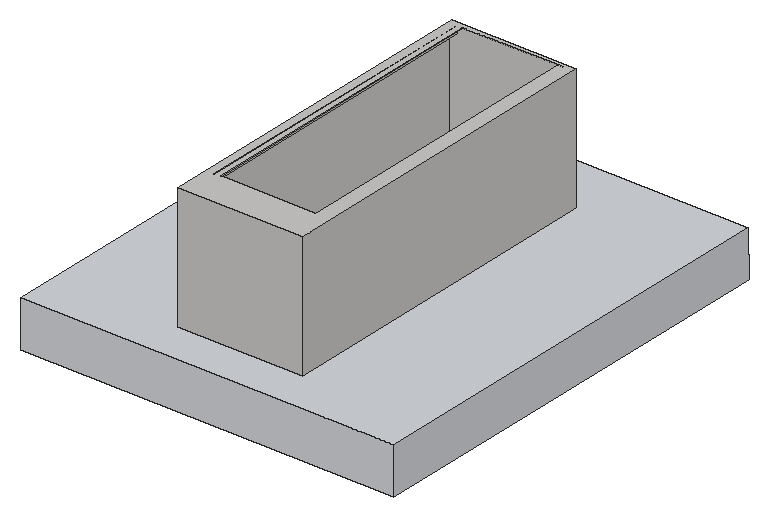
Revit family
Parameters (values of type "1732")
  Waste Connection = yes
  WFU = 0
  Voltage = 0
  Vent Connection = no
  URL = "http://www.acorneng.com/"
  Type Comments = ""
  Tempered Water Connection = no
  TW1 - Thru-Wall Waste Connection with P-Trap & Cleanout = no
  TF - 120VAC to 24VAC Transformer (MVC option only) = no
  TA - Threshold Anchors = no
  SW - Wall Sleeve = no
  STC - Sloping Top Closure = no
  SRCH - Suicide Resistant Conical Handle (With -8 T/P Valve Only) = no
  SR - Shower Receptor = no
  Right Wall = no
  Right Hand Column = no
  Revised Date = "22/08/12"
  RD - Recessed Soap Dish = no
  Phone# = "626-336-4561"
  PZZ - Penal Lockable Up-Down Joint = no
  PYY - Penal Lockable Universal Ball Joint = no
  PT - Integral P-Trap Waste = no
  PBH - Hemispherical Pushbutton = no
  Model = "1732"
  Material = Stainless Steel
  Manufacturer = "Acorn Engineering"
  MVC2 - Time-Trol - Hot & Cold = no
  MVC1 - Time-Trol - Single Temp = no
  MT - Metal Template (Only 1 Required Per Project) = no
  MD - Modesty Door (Hinged Left, Hinged Right) = no
  MA - Manifolded Valve (2) = no
  Left Wall = no
  Left Hand Column = no
  LVG - Less Vent Grille = no
  LSD - Less Surface Mounted Soap Dish = no
  KD - Knock-Down Cabinet = no
  IC - Inside Caulk Waste = no
  HWFU = 0
  HW Connection = yes
  HAC - Closure Horizontal Angled (-AL, -AR, -TSW) = no
  FG - 14 Gage Cabinet = no
  F - Flow Control, Must Specify: 1.4 GPM, 1.6 GPM, 2.0 GPM = no
  EVSP2 - Electronic Valve System w/ Piezo Pushbuttons = no
  EVSP1 - Electronic Valve System w/ Piezo Pushbutton = no
  EVS2 - Electronic Valve System - Hot & Cold = no
  EVS1 - Electronic Valve System - Single Temp = no
  EG - Enviro-Glaze, Specify Color = no
  Designed By = "ATS BIM Team"
  Description = "Cabinet Shower"
  Default Elevation = 55 1/4"
  CWFU = 0
  CW Connection = yes
  CSH - Conical Shower Head = no
  CHV - Closure Vertical (-L, -R, -C, -AL, -AR) = no
  CHV - Closure Horizontal (-TF) = no
  Back Wall = no
  Assembly Code = "D2010710"
  Amperage = 0
  9 - Punched for Valve by Others (Specify Punching) = no
  8MV - ASSE Compliant T/P Temperature-Pressure Balancing Mixing Valve w/ Single-Temp Metering Valve & Lever Handle (Chase Wall Only) = no
  8 - ASSE Compliant T/P Temperature-Pressure Balancing Mixing Valve w/ Vandal Resistant Rear Mounted Lever Handle (Chase Wall Only) = no
  4-M - Air-Control, H&C, Metering = no
  3-M - Air-Control, Single Temperature, Metering = no
Reference planes (in)
  plane 1 "Center (Front/Back)": y = 0
  plane 2: z = 0
  plane 3 "Center (Left/Right)": x = 0
  plane 4: y = -40
  plane 5: y = 48
  plane 6: z = 29.5
  plane 7: y = -30
  plane 8: y = -35
  plane 9: y = 0
  plane 10: y = -55.25
  plane 11: y = 10.75
  plane 12: y = 27.75
  plane 13: y = 32.75
  plane 14: z = 32
  plane 15: x = 16
  plane 16: x = -16
  plane 17: z = 16
Forms (in)
  Extrusion 1, solid
    sketch origin (0, 0, 0) x (1, 0, 0) y (0, 1, 0)
      loop
        line (-48, 48) -> (-48, -65.84385) -> (48, -65.84385) -> (48, 48) -> (-48, 48)
    from 0 to -12
  Sweep 2, solid, material "Stainless Steel" <- "Material"
    path origin (0, -15.25, 30) x (1, 0, 0) y (0, 0, 1)
      loop
        line (16, 2) -> (-16, 2) -> (-16, -30) -> (16, -30) -> (16, 2)
    profile origin (0, -15.25, 32) x (0, 0, -1) y (0, -1, 0)
      loop
        line (0, 40) -> (0, -48) -> (0.07813, -48) -> (0.07812, 40) -> (0, 40)
  Extrusion 3, solid, material "Stainless Steel" <- "Material"
    sketch origin (-0.42187, -15.25, 30.42187) x (1, 0, 0) y (0, 0, 1)
      loop
        line (16.34375, 1.5) -> (14.34375, 1.5) -> (14.34375, -0.5) -> (16.34375, -0.5) -> (16.34375, 1.5)
      loop
        line (-13.5, 1.5) -> (-15.5, 1.5) -> (-15.5, -0.5) -> (-13.5, -0.5) -> (-13.5, 1.5)
    from -48 to 40
  Extrusion 4, solid, material "Stainless Steel" <- "Material"
    sketch origin (0, -15.25, 30) x (1, 0, 0) y (0, 0, 1)
      loop
        line (15.92187, -29.92188) -> (15.92187, -0.07813) -> (13.92188, -0.07813) -> (13.92188, 1.92187) -> (-13.92187, 1.92187) -> (-13.92187, -0.07813) -> (-15.92187, -0.07813) -> (-15.92187, -29.92188) -> (15.92187, -29.92188)
    from 31 to 40
  Extrusion 5, solid, material "Stainless Steel" <- "Material"
    sketch origin (15.5, 32.75, 31.5) x (-1, 0, 0) y (0, 0, 1)
      loop
        line (-0.5, -31.5) -> (31.5, -31.5) -> (31.5, 0.5) -> (-0.5, 0.5) -> (-0.5, -31.5)
    from 0 to -1
  Extrusion 6, solid, material "Stainless Steel" <- "Material"
    sketch origin (0.50065, -15.6875, 30) x (0, 1, 0) y (0, 0, 1)
      loop
        line (26.45287, -26.25) -> (25.45287, -26.25) -> (25.45287, -29.75) -> (26.45287, -29.75)
        arc (26.45287, -29.75) -> (26.79405, -29.83161) -> (27.13523, -29.75) r 0.75401
        line (27.13523, -29.75) -> (27.13523, -29.5) -> (26.45287, -29.5) -> (26.45287, -26.25)
    from -2.50065 to 1.49935
  Extrusion 7, void
    sketch origin (-14.99098, 32.75, 29.5) x (-1, 0, 0) y (0, -1, 0)
      loop
        line (-2.74098, 1) -> (-2.74098, 79) -> (-27.24098, 79) -> (-27.24098, 1) -> (-2.74098, 1)
    from 2.42187 to 2.5
  Blend 8, void
    base sketch origin (0, -26.75, 30) x (-1, 0, 0) y (0, 0, 1)
      loop
        line (-15.92187, -29.92188) -> (15.92187, -29.92188) -> (15.92187, 2) -> (-15.92187, 2) -> (-15.92187, -29.92188)
    top sketch origin (0, -26.75, 30) x (-1, 0, 0) y (0, 0, 1)
      loop
        line (-0.75, -14.75) -> (0.75, -14.75) -> (0.75, -13.25) -> (-0.75, -13.25) -> (-0.75, -14.75)
    from -19.5 to -20.75
  Extrusion 9, void
    sketch origin (2, -15.6875, 30) x (0, -1, 0) y (0, 0, 1)
      loop
        line (-26.45287, -26.65659) -> (-26.45287, -29.15659) -> (-25.81778, -29.15659)
        arc (-25.81778, -29.15659) -> (-25.70234, -27.90659) -> (-25.81778, -26.65659) r 6.82496
        line (-25.81778, -26.65659) -> (-26.45287, -26.65659)
    from 0.25 to 3.75
  Revolve 10, solid
    sketch origin (0, 0, 0) x (0, 1, 0) y (0, 0, 1)
      loop
        line (-50.25198, 0) -> (-50.25198, -3) -> (-49.06448, -3) -> (-49.06448, 0) -> (-50.25198, 0)
      axis (-50.25198, -3) -> (-50.25198, 0)
    angle from 0 to 360
  Revolve 11, solid
    sketch origin (0, 0, 0.07813) x (1, 0, 0) y (0, 0, 1)
      loop
        line (0, 0) -> (0.5625, 0) -> (0.5625, 0.06961)
        arc (0.5625, 0.06961) -> (0.55774, 0.09353) -> (0.54419, 0.11381) r 0.0625
        line (0.54419, 0.11381) -> (0.33331, 0.32469)
        arc (0.33331, 0.32469) -> (0.31303, 0.33824) -> (0.28911, 0.343) r 0.0625
        line (0.28911, 0.343) -> (0.2525, 0.343) -> (0.2525, 0.75) -> (0, 0.75) -> (0, 0)
      axis (0, 0) -> (0, 0.75)
    angle from 0 to 360
Cuts and joins
  Extrusion 7 cuts Sweep 2
  Extrusion 7 cuts Extrusion 3
  Extrusion 7, Blend 8 cuts Extrusion 4
  Extrusion 7 cuts Extrusion 5
  Extrusion 9 cuts Extrusion 6
  joined: Sweep 2, Extrusion 3, Extrusion 4, Extrusion 5, Extrusion 6
Dimensions and locks (in)
  plane 11 to plane 10 = 66"
  plane 10 to plane 1 "Center (Front/Back)" = 55 1/4"
  plane 13 to plane 10 = 88"
  plane 10 to cut or joined group of Sweep 2, Extrusion 3, Extrusion 4, Extrusion 5, Extrusion 6, Extrusion 7, Blend 8, Extrusion 9 to cut or joined group of Sweep 2, Extrusion 3, Extrusion 4, Extrusion 5, Extrusion 6, Extrusion 7, Blend 8, Extrusion 9 = 9", 78"
  cut or joined group of Sweep 2, Extrusion 3, Extrusion 4, Extrusion 5, Extrusion 6, Extrusion 7, Blend 8, Extrusion 9 to cut or joined group of Sweep 2, Extrusion 3, Extrusion 4, Extrusion 5, Extrusion 6, Extrusion 7, Blend 8, Extrusion 9 to cut or joined group of Sweep 2, Extrusion 3, Extrusion 4, Extrusion 5, Extrusion 6, Extrusion 7, Blend 8, Extrusion 9 to cut or joined group of Sweep 2, Extrusion 3, Extrusion 4, Extrusion 5, Extrusion 6, Extrusion 7, Blend 8, Extrusion 9 = 3 3/4", 24 1/2", 3 3/4"
  Sweep 2 sketch curve to Sweep 2 sketch curve = 5/64"
  cut or joined group of Sweep 2, Extrusion 3, Extrusion 4, Extrusion 5, Extrusion 6, Extrusion 7, Blend 8, Extrusion 9 to cut or joined group of Sweep 2, Extrusion 3, Extrusion 4, Extrusion 5, Extrusion 6, Extrusion 7, Blend 8, Extrusion 9 = 5/64"  (x2)
  Extrusion 1 to cut or joined group of Sweep 2, Extrusion 3, Extrusion 4, Extrusion 5, Extrusion 6, Extrusion 7, Blend 8, Extrusion 9 = 5/64"
  plane 2 to plane 14 = 32"
  plane 15 to plane 16 = 32"
  plane 17 to plane 14 = 16"
  aligned and locked: plane 2 to Extrusion 1
  aligned and locked: level to Extrusion 1
Connectors (in)
  piping at (0, -50.25198, -3)
    settings: on Revolve 10, index 1
